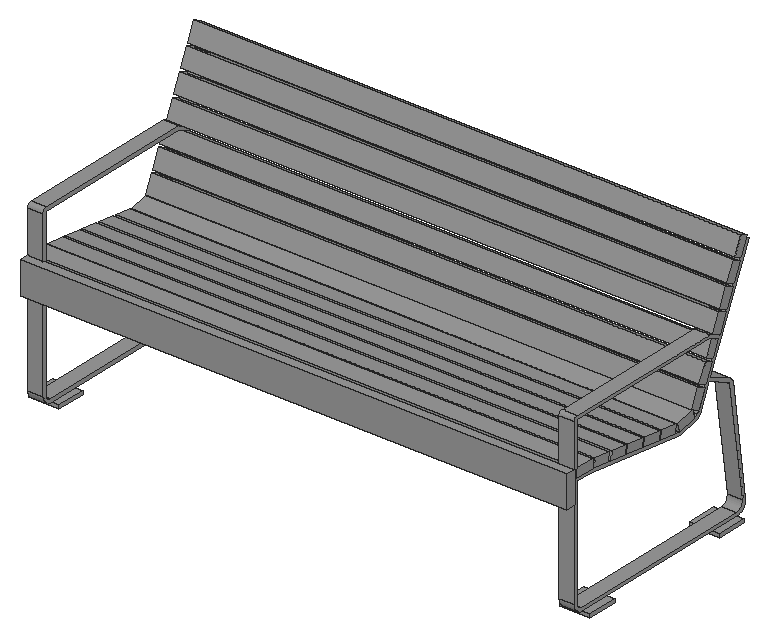
Revit family "Скамейка стальная «Глория Вуд» Арт 15632", category Антураж, Revit 2018
Family settings
  На основе рабочей плоскости = Нет
  Всегда вертикально = Да
  При загрузке вырезать с полостями = Нет
  Источник визуального образа = Геометрия семейства
  Общий = Нет
  Точка расчета площади = Нет
Parameters (values of type "Версия 1,8 м")
  Ширина = 748 mm
  Цвет сидения = Дерево
  Цвет опоры = Сталь
  Описание = if([Версия 0,6 м (кресло)], "Скамейка стальная «Глория Вуд». Версия 0,6 м (кресло)", if([Версия 1,2 м], "Скамейка стальная «Глория Вуд». Версия 1,2 м", if([Версия 1,5 м], "Скамейка стальная «Глория Вуд». Версия 1,5 м", "Скамейка стальная «Глория Вуд». Версия 1,8 м")))  # "Скамейка стальная «Глория Вуд». Версия 1,8 м"
  Материал изделия = "Сталь, дерево"  # constant formula
  Изображение типоразмера = Скамейка стальная «Глория Вуд» Арт 15632.jpg
  Изготовитель = "ООО «Хоббика»"  # constant formula
  Длина = if([Версия 0,6 м (кресло)], 600 mm, if([Версия 1,2 м], 1200 mm, if([Версия 1,5 м], 1500 mm, 1800 mm)))  # 1800 mm
  Группа модели = "Скамейки"  # constant formula
  Высота = 836 mm
  Версия 1,8 м = not(or([Версия 0,6 м (кресло)], [Версия 1,2 м], [Версия 1,5 м]))  # yes
  Версия 1,5 м = no
  Версия 1,2 м = no
  Версия 0,6 м (кресло) = no
  Артикул товара = "Арт. 15632"  # constant formula
  URL = "https://hobbyka.ru/product/skameyka_so_spinkoy_gloriya/"
Types (5, lengths in mm): name | Описание | Длина | Версия 1,8 м | Версия 1,5 м | Версия 1,2 м | Версия 0,6 м (кресло)
  (no name) | "Скамейка стальная «Глория Вуд». Версия 1,8 м" | 1800 | yes | no | no | no
  Версия 0,6 м (кресло) | "Скамейка стальная «Глория Вуд». Версия 0,6 м (кресло)" | 600 | no | no | no | yes
  Версия 1,8 м | "Скамейка стальная «Глория Вуд». Версия 1,8 м" | 1800 | yes | no | no | no
  Версия 1,2 м | "Скамейка стальная «Глория Вуд». Версия 1,2 м" | 1200 | no | no | yes | no
  Версия 1,5 м | "Скамейка стальная «Глория Вуд». Версия 1,5 м" | 1500 | no | yes | no | no
Reference planes
  plane 1 "По центру (Вперед/Назад)": y = 0
  plane 2: z = 0
  plane 3 "По центру (Влево/Вправо)": x = 0
  plane 4: y = 748
  plane 5: x = 1800
  plane 6: z = 836
Forms (mm)
  Extrusion 1, solid, material "Дерево" <- "Цвет сидения"
    sketch origin (0, 0, 0) x (0, 1, 0) y (0, 0, 1)
      loop
        line (31.654, 442.973) -> (0, 442.973) -> (0, 337.973) -> (31.654, 337.973) -> (31.654, 442.973)
      loop
        line (41.654, 413.428) -> (105.63, 413.428) -> (105.63, 442.973) -> (41.654, 442.973) -> (41.654, 413.428)
      loop
        line (110.56, 412.176) -> (169.976, 403.826) -> (174.088, 433.083) -> (114.672, 441.433) -> (110.56, 412.176)
      loop
        line (179.879, 402.434) -> (239.295, 394.084) -> (243.407, 423.341) -> (183.991, 431.691) -> (179.879, 402.434)
      loop
        line (249.198, 392.692) -> (308.614, 384.342) -> (312.726, 413.599) -> (253.31, 421.949) -> (249.198, 392.692)
      loop
        line (318.517, 382.95) -> (377.933, 374.6) -> (382.044, 403.857) -> (322.628, 412.207) -> (318.517, 382.95)
      loop
        line (387.835, 373.208) -> (447.251, 364.857) -> (451.363, 394.114) -> (391.947, 402.465) -> (387.835, 373.208)
      loop
        line (466.803, 361.934) -> (525.021, 376.449) -> (517.873, 405.116) -> (459.655, 390.601) -> (466.803, 361.934)
      loop
        line (542.802, 394.612) -> (568.159, 448.991) -> (541.382, 461.477) -> (516.025, 407.099) -> (542.802, 394.612)
      loop
        line (572.385, 458.054) -> (597.742, 512.432) -> (570.965, 524.919) -> (545.608, 470.54) -> (572.385, 458.054)
      loop
        line (601.968, 521.496) -> (624.249, 569.278) -> (597.473, 581.764) -> (575.192, 533.982) -> (601.968, 521.496)
      loop
        line (628.695, 578.811) -> (654.052, 633.189) -> (627.275, 645.675) -> (601.918, 591.297) -> (628.695, 578.811)
      loop
        line (658.278, 642.252) -> (683.635, 696.631) -> (656.859, 709.117) -> (631.501, 654.738) -> (658.278, 642.252)
      loop
        line (687.861, 705.694) -> (713.218, 760.072) -> (686.442, 772.558) -> (661.085, 718.18) -> (687.861, 705.694)
      loop
        line (717.444, 769.135) -> (742.802, 823.514) -> (716.025, 836) -> (690.668, 781.622) -> (717.444, 769.135)
    from 0 to 1800
Dimensions and locks
  "Длина": plane 3 "По центру (Влево/Вправо)" to plane 5
  "Ширина": plane 4 to plane 1 "По центру (Вперед/Назад)"
  "Высота": plane 6 to level
  aligned and locked: level to plane 2
  aligned and locked: plane 3 "По центру (Влево/Вправо)" to nested 1
  aligned and locked: plane 5 to nested 2
  aligned and locked: Extrusion 1 to plane 3 "По центру (Влево/Вправо)"
  aligned and locked: plane 5 to Extrusion 1
Automatic sketch dimensions
  Extrusion 1 sketch curve to plane 1 "По центру (Вперед/Назад)" = 0 mm
  Extrusion 1 sketch curve to plane 1 "По центру (Вперед/Назад)" = 31.654 mm
  Extrusion 1 sketch curve to Extrusion 1 sketch curve = 10 mm
  Extrusion 1 sketch curve to Extrusion 1 sketch curve = 63.976 mm
  Extrusion 1 sketch curve to Extrusion 1 sketch curve = 4.93 mm
  Extrusion 1 sketch curve to Extrusion 1 sketch curve = 9.042 mm
  Extrusion 1 sketch curve to Extrusion 1 sketch curve = 59.416 mm  (x5)
  Extrusion 1 sketch curve to Extrusion 1 sketch curve = 9.903 mm  (x8)
  Extrusion 1 sketch curve to Extrusion 1 sketch curve = 8.292 mm
  Extrusion 1 sketch curve to Extrusion 1 sketch curve = 19.552 mm
  Extrusion 1 sketch curve to Extrusion 1 sketch curve = 56.37 mm
  Extrusion 1 sketch curve to Extrusion 1 sketch curve = 1.848 mm
  Extrusion 1 sketch curve to Extrusion 1 sketch curve = 25.357 mm  (x4)
  Extrusion 1 sketch curve to Extrusion 1 sketch curve = 17.781 mm
  Extrusion 1 sketch curve to Extrusion 1 sketch curve = 4.226 mm  (x10)
  Extrusion 1 sketch curve to Extrusion 1 sketch curve = 22.281 mm
  Extrusion 1 sketch curve to Extrusion 1 sketch curve = 4.445 mm  (x2)
  Extrusion 1 sketch curve to plane 4 = 61.558 mm
  plane 6 to Extrusion 1 sketch curve = 0 mm
  Extrusion 1 sketch curve to plane 4 = 31.975 mm
  Extrusion 1 sketch curve to plane 6 = 12.486 mm
  Extrusion 1 sketch curve to Extrusion 1 sketch curve = 9.063 mm  (x10)
  Extrusion 1 sketch curve to Extrusion 1 sketch curve = 9.533 mm  (x2)
  Extrusion 1 sketch curve to plane 6 = 393.027 mm
  Extrusion 1 sketch curve to Extrusion 1 sketch curve = 0 mm
  Extrusion 1 sketch curve to Extrusion 1 sketch curve = 1.539 mm
  Extrusion 1 sketch curve to Extrusion 1 sketch curve = 8.35 mm  (x5)
  Extrusion 1 sketch curve to Extrusion 1 sketch curve = 1.392 mm  (x4)
  Extrusion 1 sketch curve to Extrusion 1 sketch curve = 29.545 mm
  Extrusion 1 sketch curve to Extrusion 1 sketch curve = 1.982 mm
  Extrusion 1 sketch curve to Extrusion 1 sketch curve = 3.514 mm
  Extrusion 1 sketch curve to Extrusion 1 sketch curve = 75.455 mm
Nested families
  nested 1: "Скамейка стальная «Глория Вуд» Арт 15632 опора" at (0, 0, 0), type "Скамейка стальная «Глория Вуд» Арт 15632 опора"
  nested 2: "Скамейка стальная «Глория Вуд» Арт 15632 опора" at (1750, 0, 0), type "Скамейка стальная «Глория Вуд» Арт 15632 опора"
Definition of nested family "Скамейка стальная «Глория Вуд» Арт 15632 опора"
  Parameters (values of type "Скамейка стальная «Глория Вуд» Арт 15632 опора")
    Цвет опоры = none
    Height = 0 mm
  Reference planes
    plane 1 "По центру (Вперед/Назад)": y = 0
    plane 2: z = 0
    plane 3 "По центру (Влево/Вправо)": x = 0
  Forms (mm)
    Extrusion 1, solid, material <- "Цвет опоры"
      sketch origin (0, 0, 0) x (0, 1, 0) y (0, 0, 1)
        loop
          line (748, 811) -> (738.937, 815.226) -> (628.475, 578.341) -> (592.223, 595.245) -> (47.223, 595.245)
          arc (47.223, 595.245) -> (36.505, 593.201) -> (31.654, 583.428) r 12.269
          line (31.654, 583.428) -> (31.654, 43.428)
          arc (31.654, 43.428) -> (40.974, 20.928) -> (63.474, 11.608) r 31.82
          line (63.474, 11.608) -> (701.532, 11.608)
          arc (701.532, 11.608) -> (726.532, 23.001) -> (734.335, 49.344) r 33.125
          line (734.335, 49.344) -> (682.306, 419.547) -> (672.866, 431.204) -> (589.11, 470.26) -> (748, 811)
        loop
          line (538.193, 384.73) -> (624.249, 569.278) -> (590.006, 585.245) -> (45.282, 585.245)
          arc (45.282, 585.245) -> (42.907, 585.457) -> (41.654, 583.428) r 2.269
          line (41.654, 583.428) -> (41.654, 413.428) -> (101.654, 413.428) -> (468.053, 361.934) -> (531.122, 377.659) -> (538.193, 384.73)
        loop
          arc (41.654, 43.428) -> (48.045, 27.999) -> (63.474, 21.608) r 21.82
          line (63.474, 21.608) -> (701.532, 21.608)
          arc (701.532, 21.608) -> (718.985, 29.562) -> (724.432, 47.952) r 23.125
          line (724.432, 47.952) -> (672.789, 415.409) -> (666.548, 423.116) -> (584.884, 461.197) -> (546.511, 378.906) -> (536.232, 368.627) -> (468.586, 351.761) -> (100.955, 403.428) -> (41.654, 403.428) -> (41.654, 43.428)
      from 0 to 50
    Extrusion 2, solid, material <- "Цвет опоры"
      sketch origin (0, 0, 0) x (0, 1, 0) y (0, 0, 1)
        loop
          line (699.994, 0) -> (699.994, 11.608) -> (599.994, 11.608) -> (599.994, 0) -> (699.994, 0)
        loop
          line (164.994, 0) -> (164.994, 11.608) -> (64.994, 11.608) -> (64.994, 0) -> (164.994, 0)
      from 75 to -25
  Dimensions and locks
    aligned and locked: level to plane 2
